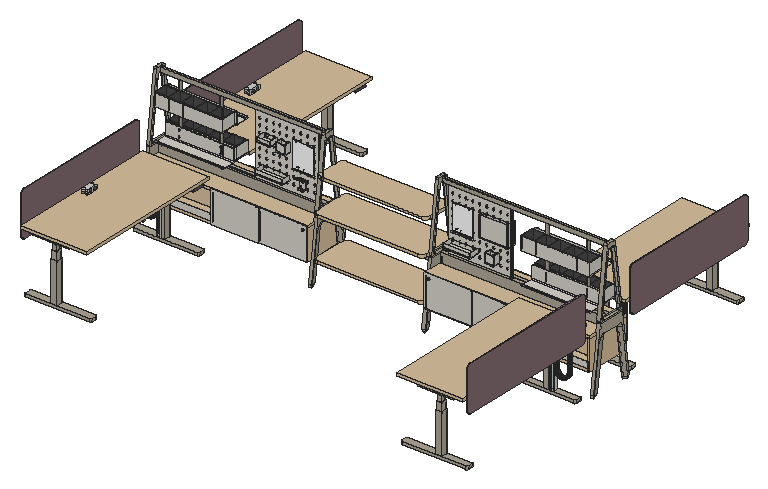
Revit family "Layout-Teknion-Expansion_Cityline_Upper_Structure_01-R2021", category Furniture Systems, Revit 2021 (continued)
Definition of nested family "Accessories-Teknion-JZTMA_Lift_And_Drop_Tile_Metal_Accessory-R2021"
  Forms (in)
    Sweep 11, void
      profile origin (21, -0.25, 0) x (-1, 0, 0) y (0, 0, 1)
        loop
          arc (3.40354, 41.78343) -> (3.58071, 41.96059) -> (3.40354, 42.13776) r 0.17717
          line (3.40354, 42.13776) -> (3.17717, 42.13776) -> (3.17717, 42.36413)
          arc (3.17717, 42.36413) -> (3, 42.5413) -> (2.82283, 42.36413) r 0.17717
          line (2.82283, 42.36413) -> (2.82283, 42.13776) -> (2.59646, 42.13776)
          arc (2.59646, 42.13776) -> (2.41929, 41.96059) -> (2.59646, 41.78343) r 0.17717
        loop
          line (-0.40354, 41.78343) -> (-0.17717, 41.78343) -> (-0.17717, 41.55705)
          arc (-0.17717, 41.55705) -> (0, 41.37988) -> (0.17717, 41.55705) r 0.17717
          line (0.17717, 41.55705) -> (0.17717, 41.78343) -> (0.40354, 41.78343)
          arc (0.40354, 41.78343) -> (0.58071, 41.96059) -> (0.40354, 42.13776) r 0.17717
          line (0.40354, 42.13776) -> (0.17717, 42.13776) -> (0.17717, 42.36413)
          arc (0.17717, 42.36413) -> (0, 42.5413) -> (-0.17717, 42.36413) r 0.17717
          line (-0.17717, 42.36413) -> (-0.17717, 42.13776) -> (-0.40354, 42.13776)
          arc (-0.40354, 42.13776) -> (-0.58071, 41.96059) -> (-0.40354, 41.78343) r 0.17717
        loop
          line (-3.40354, 41.78343) -> (-3.17717, 41.78343) -> (-3.17717, 41.55705)
          arc (-3.17717, 41.55705) -> (-3, 41.37988) -> (-2.82283, 41.55705) r 0.17717
          line (-2.82283, 41.55705) -> (-2.82283, 41.78343) -> (-2.59646, 41.78343)
          arc (-2.59646, 41.78343) -> (-2.41929, 41.96059) -> (-2.59646, 42.13776) r 0.17717
          line (-2.59646, 42.13776) -> (-2.82283, 42.13776) -> (-2.82283, 42.36413)
          arc (-2.82283, 42.36413) -> (-3, 42.5413) -> (-3.17717, 42.36413) r 0.17717
          line (-3.17717, 42.36413) -> (-3.17717, 42.13776) -> (-3.40354, 42.13776)
          arc (-3.40354, 42.13776) -> (-3.58071, 41.96059) -> (-3.40354, 41.78343) r 0.17717
        loop
          line (-6.40354, 41.78343) -> (-6.17717, 41.78343) -> (-6.17717, 41.55705)
          arc (-6.17717, 41.55705) -> (-6, 41.37988) -> (-5.82283, 41.55705) r 0.17717
          line (-5.82283, 41.55705) -> (-5.82283, 41.78343) -> (-5.59646, 41.78343)
          arc (-5.59646, 41.78343) -> (-5.41929, 41.96059) -> (-5.59646, 42.13776) r 0.17717
          line (-5.59646, 42.13776) -> (-5.82283, 42.13776) -> (-5.82283, 42.36413)
          arc (-5.82283, 42.36413) -> (-6, 42.5413) -> (-6.17717, 42.36413) r 0.17717
          line (-6.17717, 42.36413) -> (-6.17717, 42.13776) -> (-6.40354, 42.13776)
          arc (-6.40354, 42.13776) -> (-6.58071, 41.96059) -> (-6.40354, 41.78343) r 0.17717
        loop
          line (-9.40354, 41.78343) -> (-9.17717, 41.78343) -> (-9.17717, 41.55705)
          arc (-9.17717, 41.55705) -> (-9, 41.37988) -> (-8.82283, 41.55705) r 0.17717
          line (-8.82283, 41.55705) -> (-8.82283, 41.78343) -> (-8.59646, 41.78343)
          arc (-8.59646, 41.78343) -> (-8.41929, 41.96059) -> (-8.59646, 42.13776) r 0.17717
          line (-8.59646, 42.13776) -> (-8.82283, 42.13776) -> (-8.82283, 42.36413)
          arc (-8.82283, 42.36413) -> (-9, 42.5413) -> (-9.17717, 42.36413) r 0.17717
          line (-9.17717, 42.36413) -> (-9.17717, 42.13776) -> (-9.40354, 42.13776)
          arc (-9.40354, 42.13776) -> (-9.58071, 41.96059) -> (-9.40354, 41.78343) r 0.17717
        loop
          line (-12.40354, 41.78343) -> (-12.17717, 41.78343) -> (-12.17717, 41.55705)
          arc (-12.17717, 41.55705) -> (-12, 41.37988) -> (-11.82283, 41.55705) r 0.17717
          line (-11.82283, 41.55705) -> (-11.82283, 41.78343) -> (-11.59646, 41.78343)
          arc (-11.59646, 41.78343) -> (-11.41929, 41.96059) -> (-11.59646, 42.13776) r 0.17717
          line (-11.59646, 42.13776) -> (-11.82283, 42.13776) -> (-11.82283, 42.36413)
          arc (-11.82283, 42.36413) -> (-12, 42.5413) -> (-12.17717, 42.36413) r 0.17717
          line (-12.17717, 42.36413) -> (-12.17717, 42.13776) -> (-12.40354, 42.13776)
          arc (-12.40354, 42.13776) -> (-12.58071, 41.96059) -> (-12.40354, 41.78343) r 0.17717
        loop
          line (-15.40354, 41.78343) -> (-15.17717, 41.78343) -> (-15.17717, 41.55705)
          arc (-15.17717, 41.55705) -> (-15, 41.37988) -> (-14.82283, 41.55705) r 0.17717
          line (-14.82283, 41.55705) -> (-14.82283, 41.78343) -> (-14.59646, 41.78343)
          arc (-14.59646, 41.78343) -> (-14.41929, 41.96059) -> (-14.59646, 42.13776) r 0.17717
          line (-14.59646, 42.13776) -> (-14.82283, 42.13776) -> (-14.82283, 42.36413)
          arc (-14.82283, 42.36413) -> (-15, 42.5413) -> (-15.17717, 42.36413) r 0.17717
          line (-15.17717, 42.36413) -> (-15.17717, 42.13776) -> (-15.40354, 42.13776)
          arc (-15.40354, 42.13776) -> (-15.58071, 41.96059) -> (-15.40354, 41.78343) r 0.17717
        loop
          line (-18.40354, 41.78343) -> (-18.17717, 41.78343) -> (-18.17717, 41.55705)
          arc (-18.17717, 41.55705) -> (-18, 41.37988) -> (-17.82283, 41.55705) r 0.17717
          line (-17.82283, 41.55705) -> (-17.82283, 41.78343) -> (-17.59646, 41.78343)
          arc (-17.59646, 41.78343) -> (-17.41929, 41.96059) -> (-17.59646, 42.13776) r 0.17717
          line (-17.59646, 42.13776) -> (-17.82283, 42.13776) -> (-17.82283, 42.36413)
          arc (-17.82283, 42.36413) -> (-18, 42.5413) -> (-18.17717, 42.36413) r 0.17717
          line (-18.17717, 42.36413) -> (-18.17717, 42.13776) -> (-18.40354, 42.13776)
          arc (-18.40354, 42.13776) -> (-18.58071, 41.96059) -> (-18.40354, 41.78343) r 0.17717
    Sweep 12, void
      path origin (0, 0, 0) x (1, 0, 0) y (0, 1, 0)
        loop
          line (21, -1.5) -> (21, 1)
      profile origin (21, -0.25, 0) x (-1, 0, 0) y (0, 0, 1)
        loop
          line (17.59646, 44.78343) -> (17.82283, 44.78343) -> (17.82283, 44.55705)
          arc (17.82283, 44.55705) -> (18, 44.37988) -> (18.17717, 44.55705) r 0.17717
          line (18.17717, 44.55705) -> (18.17717, 44.78343) -> (18.40354, 44.78343)
          arc (18.40354, 44.78343) -> (18.58071, 44.96059) -> (18.40354, 45.13776) r 0.17717
          line (18.40354, 45.13776) -> (18.17717, 45.13776) -> (18.17717, 45.36413)
          arc (18.17717, 45.36413) -> (18, 45.5413) -> (17.82283, 45.36413) r 0.17717
          line (17.82283, 45.36413) -> (17.82283, 45.13776) -> (17.59646, 45.13776)
          arc (17.59646, 45.13776) -> (17.41929, 44.96059) -> (17.59646, 44.78343) r 0.17717
        loop
          line (14.59646, 44.78343) -> (14.82283, 44.78343) -> (14.82283, 44.55705)
          arc (14.82283, 44.55705) -> (15, 44.37988) -> (15.17717, 44.55705) r 0.17717
          line (15.17717, 44.55705) -> (15.17717, 44.78343) -> (15.40354, 44.78343)
          arc (15.40354, 44.78343) -> (15.58071, 44.96059) -> (15.40354, 45.13776) r 0.17717
          line (15.40354, 45.13776) -> (15.17717, 45.13776) -> (15.17717, 45.36413)
          arc (15.17717, 45.36413) -> (15, 45.5413) -> (14.82283, 45.36413) r 0.17717
          line (14.82283, 45.36413) -> (14.82283, 45.13776) -> (14.59646, 45.13776)
          arc (14.59646, 45.13776) -> (14.41929, 44.96059) -> (14.59646, 44.78343) r 0.17717
        loop
          line (11.59646, 44.78343) -> (11.82283, 44.78343) -> (11.82283, 44.55705)
          arc (11.82283, 44.55705) -> (12, 44.37988) -> (12.17717, 44.55705) r 0.17717
          line (12.17717, 44.55705) -> (12.17717, 44.78343) -> (12.40354, 44.78343)
          arc (12.40354, 44.78343) -> (12.58071, 44.96059) -> (12.40354, 45.13776) r 0.17717
          line (12.40354, 45.13776) -> (12.17717, 45.13776) -> (12.17717, 45.36413)
          arc (12.17717, 45.36413) -> (12, 45.5413) -> (11.82283, 45.36413) r 0.17717
          line (11.82283, 45.36413) -> (11.82283, 45.13776) -> (11.59646, 45.13776)
          arc (11.59646, 45.13776) -> (11.41929, 44.96059) -> (11.59646, 44.78343) r 0.17717
        loop
          line (8.59646, 44.78343) -> (8.82283, 44.78343) -> (8.82283, 44.55705)
          arc (8.82283, 44.55705) -> (9, 44.37988) -> (9.17717, 44.55705) r 0.17717
          line (9.17717, 44.55705) -> (9.17717, 44.78343) -> (9.40354, 44.78343)
          arc (9.40354, 44.78343) -> (9.58071, 44.96059) -> (9.40354, 45.13776) r 0.17717
          line (9.40354, 45.13776) -> (9.17717, 45.13776) -> (9.17717, 45.36413)
          arc (9.17717, 45.36413) -> (9, 45.5413) -> (8.82283, 45.36413) r 0.17717
          line (8.82283, 45.36413) -> (8.82283, 45.13776) -> (8.59646, 45.13776)
          arc (8.59646, 45.13776) -> (8.41929, 44.96059) -> (8.59646, 44.78343) r 0.17717
        loop
          line (5.59646, 44.78343) -> (5.82283, 44.78343) -> (5.82283, 44.55705)
          arc (5.82283, 44.55705) -> (6, 44.37988) -> (6.17717, 44.55705) r 0.17717
          line (6.17717, 44.55705) -> (6.17717, 44.78343) -> (6.40354, 44.78343)
          arc (6.40354, 44.78343) -> (6.58071, 44.96059) -> (6.40354, 45.13776) r 0.17717
          line (6.40354, 45.13776) -> (6.17717, 45.13776) -> (6.17717, 45.36413)
          arc (6.17717, 45.36413) -> (6, 45.5413) -> (5.82283, 45.36413) r 0.17717
          line (5.82283, 45.36413) -> (5.82283, 45.13776) -> (5.59646, 45.13776)
          arc (5.59646, 45.13776) -> (5.41929, 44.96059) -> (5.59646, 44.78343) r 0.17717
        loop
          line (2.59646, 44.78343) -> (2.82283, 44.78343) -> (2.82283, 44.55705)
          arc (2.82283, 44.55705) -> (3, 44.37988) -> (3.17717, 44.55705) r 0.17717
          line (3.17717, 44.55705) -> (3.17717, 44.78343) -> (3.40354, 44.78343)
          arc (3.40354, 44.78343) -> (3.58071, 44.96059) -> (3.40354, 45.13776) r 0.17717
          line (3.40354, 45.13776) -> (3.17717, 45.13776) -> (3.17717, 45.36413)
          arc (3.17717, 45.36413) -> (3, 45.5413) -> (2.82283, 45.36413) r 0.17717
          line (2.82283, 45.36413) -> (2.82283, 45.13776) -> (2.59646, 45.13776)
          arc (2.59646, 45.13776) -> (2.41929, 44.96059) -> (2.59646, 44.78343) r 0.17717
        loop
          line (-0.40354, 44.78343) -> (-0.17717, 44.78343) -> (-0.17717, 44.55705)
          arc (-0.17717, 44.55705) -> (0, 44.37988) -> (0.17717, 44.55705) r 0.17717
          line (0.17717, 44.55705) -> (0.17717, 44.78343) -> (0.40354, 44.78343)
          arc (0.40354, 44.78343) -> (0.58071, 44.96059) -> (0.40354, 45.13776) r 0.17717
          line (0.40354, 45.13776) -> (0.17717, 45.13776) -> (0.17717, 45.36413)
          arc (0.17717, 45.36413) -> (0, 45.5413) -> (-0.17717, 45.36413) r 0.17717
          line (-0.17717, 45.36413) -> (-0.17717, 45.13776) -> (-0.40354, 45.13776)
          arc (-0.40354, 45.13776) -> (-0.58071, 44.96059) -> (-0.40354, 44.78343) r 0.17717
        loop
          line (-3.40354, 44.78343) -> (-3.17717, 44.78343) -> (-3.17717, 44.55705)
          arc (-3.17717, 44.55705) -> (-3, 44.37988) -> (-2.82283, 44.55705) r 0.17717
          line (-2.82283, 44.55705) -> (-2.82283, 44.78343) -> (-2.59646, 44.78343)
          arc (-2.59646, 44.78343) -> (-2.41929, 44.96059) -> (-2.59646, 45.13776) r 0.17717
          line (-2.59646, 45.13776) -> (-2.82283, 45.13776) -> (-2.82283, 45.36413)
          arc (-2.82283, 45.36413) -> (-3, 45.5413) -> (-3.17717, 45.36413) r 0.17717
          line (-3.17717, 45.36413) -> (-3.17717, 45.13776) -> (-3.40354, 45.13776)
          arc (-3.40354, 45.13776) -> (-3.58071, 44.96059) -> (-3.40354, 44.78343) r 0.17717
        loop
          line (-6.40354, 44.78343) -> (-6.17717, 44.78343) -> (-6.17717, 44.55705)
          arc (-6.17717, 44.55705) -> (-6, 44.37988) -> (-5.82283, 44.55705) r 0.17717
          line (-5.82283, 44.55705) -> (-5.82283, 44.78343) -> (-5.59646, 44.78343)
          arc (-5.59646, 44.78343) -> (-5.41929, 44.96059) -> (-5.59646, 45.13776) r 0.17717
          line (-5.59646, 45.13776) -> (-5.82283, 45.13776) -> (-5.82283, 45.36413)
          arc (-5.82283, 45.36413) -> (-6, 45.5413) -> (-6.17717, 45.36413) r 0.17717
          line (-6.17717, 45.36413) -> (-6.17717, 45.13776) -> (-6.40354, 45.13776)
          arc (-6.40354, 45.13776) -> (-6.58071, 44.96059) -> (-6.40354, 44.78343) r 0.17717
        loop
          line (-9.40354, 44.78343) -> (-9.17717, 44.78343) -> (-9.17717, 44.55705)
          arc (-9.17717, 44.55705) -> (-9, 44.37988) -> (-8.82283, 44.55705) r 0.17717
          line (-8.82283, 44.55705) -> (-8.82283, 44.78343) -> (-8.59646, 44.78343)
          arc (-8.59646, 44.78343) -> (-8.41929, 44.96059) -> (-8.59646, 45.13776) r 0.17717
          line (-8.59646, 45.13776) -> (-8.82283, 45.13776) -> (-8.82283, 45.36413)
          arc (-8.82283, 45.36413) -> (-9, 45.5413) -> (-9.17717, 45.36413) r 0.17717
          line (-9.17717, 45.36413) -> (-9.17717, 45.13776) -> (-9.40354, 45.13776)
          arc (-9.40354, 45.13776) -> (-9.58071, 44.96059) -> (-9.40354, 44.78343) r 0.17717
        loop
          line (-12.40354, 44.78343) -> (-12.17717, 44.78343) -> (-12.17717, 44.55705)
          arc (-12.17717, 44.55705) -> (-12, 44.37988) -> (-11.82283, 44.55705) r 0.17717
          line (-11.82283, 44.55705) -> (-11.82283, 44.78343) -> (-11.59646, 44.78343)
          arc (-11.59646, 44.78343) -> (-11.41929, 44.96059) -> (-11.59646, 45.13776) r 0.17717
          line (-11.59646, 45.13776) -> (-11.82283, 45.13776) -> (-11.82283, 45.36413)
          arc (-11.82283, 45.36413) -> (-12, 45.5413) -> (-12.17717, 45.36413) r 0.17717
          line (-12.17717, 45.36413) -> (-12.17717, 45.13776) -> (-12.40354, 45.13776)
          arc (-12.40354, 45.13776) -> (-12.58071, 44.96059) -> (-12.40354, 44.78343) r 0.17717
        loop
          line (-15.40354, 44.78343) -> (-15.17717, 44.78343) -> (-15.17717, 44.55705)
          arc (-15.17717, 44.55705) -> (-15, 44.37988) -> (-14.82283, 44.55705) r 0.17717
          line (-14.82283, 44.55705) -> (-14.82283, 44.78343) -> (-14.59646, 44.78343)
          arc (-14.59646, 44.78343) -> (-14.41929, 44.96059) -> (-14.59646, 45.13776) r 0.17717
          line (-14.59646, 45.13776) -> (-14.82283, 45.13776) -> (-14.82283, 45.36413)
          arc (-14.82283, 45.36413) -> (-15, 45.5413) -> (-15.17717, 45.36413) r 0.17717
          line (-15.17717, 45.36413) -> (-15.17717, 45.13776) -> (-15.40354, 45.13776)
          arc (-15.40354, 45.13776) -> (-15.58071, 44.96059) -> (-15.40354, 44.78343) r 0.17717
        loop
          line (-18.40354, 44.78343) -> (-18.17717, 44.78343) -> (-18.17717, 44.55705)
          arc (-18.17717, 44.55705) -> (-18, 44.37988) -> (-17.82283, 44.55705) r 0.17717
          line (-17.82283, 44.55705) -> (-17.82283, 44.78343) -> (-17.59646, 44.78343)
          arc (-17.59646, 44.78343) -> (-17.41929, 44.96059) -> (-17.59646, 45.13776) r 0.17717
          line (-17.59646, 45.13776) -> (-17.82283, 45.13776) -> (-17.82283, 45.36413)
          arc (-17.82283, 45.36413) -> (-18, 45.5413) -> (-18.17717, 45.36413) r 0.17717
          line (-18.17717, 45.36413) -> (-18.17717, 45.13776) -> (-18.40354, 45.13776)
          arc (-18.40354, 45.13776) -> (-18.58071, 44.96059) -> (-18.40354, 44.78343) r 0.17717
    Sweep 13, void
      path origin (0, 0, 0) x (1, 0, 0) y (0, 1, 0)
        loop
          line (21, -1.5) -> (21, 1)
      profile origin (21, -0.25, 0) x (-1, 0, 0) y (0, 0, 1)
        loop
          line (17.59646, 47.78343) -> (17.82283, 47.78343) -> (17.82283, 47.55705)
          arc (17.82283, 47.55705) -> (18, 47.37988) -> (18.17717, 47.55705) r 0.17717
          line (18.17717, 47.55705) -> (18.17717, 47.78343) -> (18.40354, 47.78343)
          arc (18.40354, 47.78343) -> (18.58071, 47.96059) -> (18.40354, 48.13776) r 0.17717
          line (18.40354, 48.13776) -> (18.17717, 48.13776) -> (18.17717, 48.36413)
          arc (18.17717, 48.36413) -> (18, 48.5413) -> (17.82283, 48.36413) r 0.17717
          line (17.82283, 48.36413) -> (17.82283, 48.13776) -> (17.59646, 48.13776)
          arc (17.59646, 48.13776) -> (17.41929, 47.96059) -> (17.59646, 47.78343) r 0.17717
        loop
          line (14.59646, 47.78343) -> (14.82283, 47.78343) -> (14.82283, 47.55705)
          arc (14.82283, 47.55705) -> (15, 47.37988) -> (15.17717, 47.55705) r 0.17717
          line (15.17717, 47.55705) -> (15.17717, 47.78343) -> (15.40354, 47.78343)
          arc (15.40354, 47.78343) -> (15.58071, 47.96059) -> (15.40354, 48.13776) r 0.17717
          line (15.40354, 48.13776) -> (15.17717, 48.13776) -> (15.17717, 48.36413)
          arc (15.17717, 48.36413) -> (15, 48.5413) -> (14.82283, 48.36413) r 0.17717
          line (14.82283, 48.36413) -> (14.82283, 48.13776) -> (14.59646, 48.13776)
          arc (14.59646, 48.13776) -> (14.41929, 47.96059) -> (14.59646, 47.78343) r 0.17717
        loop
          line (11.59646, 47.78343) -> (11.82283, 47.78343) -> (11.82283, 47.55705)
          arc (11.82283, 47.55705) -> (12, 47.37988) -> (12.17717, 47.55705) r 0.17717
          line (12.17717, 47.55705) -> (12.17717, 47.78343) -> (12.40354, 47.78343)
          arc (12.40354, 47.78343) -> (12.58071, 47.96059) -> (12.40354, 48.13776) r 0.17717
          line (12.40354, 48.13776) -> (12.17717, 48.13776) -> (12.17717, 48.36413)
          arc (12.17717, 48.36413) -> (12, 48.5413) -> (11.82283, 48.36413) r 0.17717
          line (11.82283, 48.36413) -> (11.82283, 48.13776) -> (11.59646, 48.13776)
          arc (11.59646, 48.13776) -> (11.41929, 47.96059) -> (11.59646, 47.78343) r 0.17717
        loop
          line (8.59646, 47.78343) -> (8.82283, 47.78343) -> (8.82283, 47.55705)
          arc (8.82283, 47.55705) -> (9, 47.37988) -> (9.17717, 47.55705) r 0.17717
          line (9.17717, 47.55705) -> (9.17717, 47.78343) -> (9.40354, 47.78343)
          arc (9.40354, 47.78343) -> (9.58071, 47.96059) -> (9.40354, 48.13776) r 0.17717
          line (9.40354, 48.13776) -> (9.17717, 48.13776) -> (9.17717, 48.36413)
          arc (9.17717, 48.36413) -> (9, 48.5413) -> (8.82283, 48.36413) r 0.17717
          line (8.82283, 48.36413) -> (8.82283, 48.13776) -> (8.59646, 48.13776)
          arc (8.59646, 48.13776) -> (8.41929, 47.96059) -> (8.59646, 47.78343) r 0.17717
        loop
          line (5.59646, 47.78343) -> (5.82283, 47.78343) -> (5.82283, 47.55705)
          arc (5.82283, 47.55705) -> (6, 47.37988) -> (6.17717, 47.55705) r 0.17717
          line (6.17717, 47.55705) -> (6.17717, 47.78343) -> (6.40354, 47.78343)
          arc (6.40354, 47.78343) -> (6.58071, 47.96059) -> (6.40354, 48.13776) r 0.17717
          line (6.40354, 48.13776) -> (6.17717, 48.13776) -> (6.17717, 48.36413)
          arc (6.17717, 48.36413) -> (6, 48.5413) -> (5.82283, 48.36413) r 0.17717
          line (5.82283, 48.36413) -> (5.82283, 48.13776) -> (5.59646, 48.13776)
          arc (5.59646, 48.13776) -> (5.41929, 47.96059) -> (5.59646, 47.78343) r 0.17717
        loop
          line (2.59646, 47.78343) -> (2.82283, 47.78343) -> (2.82283, 47.55705)
          arc (2.82283, 47.55705) -> (3, 47.37988) -> (3.17717, 47.55705) r 0.17717
          line (3.17717, 47.55705) -> (3.17717, 47.78343) -> (3.40354, 47.78343)
          arc (3.40354, 47.78343) -> (3.58071, 47.96059) -> (3.40354, 48.13776) r 0.17717
          line (3.40354, 48.13776) -> (3.17717, 48.13776) -> (3.17717, 48.36413)
          arc (3.17717, 48.36413) -> (3, 48.5413) -> (2.82283, 48.36413) r 0.17717
          line (2.82283, 48.36413) -> (2.82283, 48.13776) -> (2.59646, 48.13776)
          arc (2.59646, 48.13776) -> (2.41929, 47.96059) -> (2.59646, 47.78343) r 0.17717
        loop
          line (-0.40354, 47.78343) -> (-0.17717, 47.78343) -> (-0.17717, 47.55705)
          arc (-0.17717, 47.55705) -> (0, 47.37988) -> (0.17717, 47.55705) r 0.17717
          line (0.17717, 47.55705) -> (0.17717, 47.78343) -> (0.40354, 47.78343)
          arc (0.40354, 47.78343) -> (0.58071, 47.96059) -> (0.40354, 48.13776) r 0.17717
          line (0.40354, 48.13776) -> (0.17717, 48.13776) -> (0.17717, 48.36413)
          arc (0.17717, 48.36413) -> (0, 48.5413) -> (-0.17717, 48.36413) r 0.17717
          line (-0.17717, 48.36413) -> (-0.17717, 48.13776) -> (-0.40354, 48.13776)
          arc (-0.40354, 48.13776) -> (-0.58071, 47.96059) -> (-0.40354, 47.78343) r 0.17717
        loop
          line (-3.40354, 47.78343) -> (-3.17717, 47.78343) -> (-3.17717, 47.55705)
          arc (-3.17717, 47.55705) -> (-3, 47.37988) -> (-2.82283, 47.55705) r 0.17717
          line (-2.82283, 47.55705) -> (-2.82283, 47.78343) -> (-2.59646, 47.78343)
          arc (-2.59646, 47.78343) -> (-2.41929, 47.96059) -> (-2.59646, 48.13776) r 0.17717
          line (-2.59646, 48.13776) -> (-2.82283, 48.13776) -> (-2.82283, 48.36413)
          arc (-2.82283, 48.36413) -> (-3, 48.5413) -> (-3.17717, 48.36413) r 0.17717
          line (-3.17717, 48.36413) -> (-3.17717, 48.13776) -> (-3.40354, 48.13776)
          arc (-3.40354, 48.13776) -> (-3.58071, 47.96059) -> (-3.40354, 47.78343) r 0.17717
        loop
          line (-6.40354, 47.78343) -> (-6.17717, 47.78343) -> (-6.17717, 47.55705)
          arc (-6.17717, 47.55705) -> (-6, 47.37988) -> (-5.82283, 47.55705) r 0.17717
          line (-5.82283, 47.55705) -> (-5.82283, 47.78343) -> (-5.59646, 47.78343)
          arc (-5.59646, 47.78343) -> (-5.41929, 47.96059) -> (-5.59646, 48.13776) r 0.17717
          line (-5.59646, 48.13776) -> (-5.82283, 48.13776) -> (-5.82283, 48.36413)
          arc (-5.82283, 48.36413) -> (-6, 48.5413) -> (-6.17717, 48.36413) r 0.17717
          line (-6.17717, 48.36413) -> (-6.17717, 48.13776) -> (-6.40354, 48.13776)
          arc (-6.40354, 48.13776) -> (-6.58071, 47.96059) -> (-6.40354, 47.78343) r 0.17717
        loop
          line (-9.40354, 47.78343) -> (-9.17717, 47.78343) -> (-9.17717, 47.55705)
          arc (-9.17717, 47.55705) -> (-9, 47.37988) -> (-8.82283, 47.55705) r 0.17717
          line (-8.82283, 47.55705) -> (-8.82283, 47.78343) -> (-8.59646, 47.78343)
          arc (-8.59646, 47.78343) -> (-8.41929, 47.96059) -> (-8.59646, 48.13776) r 0.17717
          line (-8.59646, 48.13776) -> (-8.82283, 48.13776) -> (-8.82283, 48.36413)
          arc (-8.82283, 48.36413) -> (-9, 48.5413) -> (-9.17717, 48.36413) r 0.17717
          line (-9.17717, 48.36413) -> (-9.17717, 48.13776) -> (-9.40354, 48.13776)
          arc (-9.40354, 48.13776) -> (-9.58071, 47.96059) -> (-9.40354, 47.78343) r 0.17717
        loop
          line (-12.40354, 47.78343) -> (-12.17717, 47.78343) -> (-12.17717, 47.55705)
          arc (-12.17717, 47.55705) -> (-12, 47.37988) -> (-11.82283, 47.55705) r 0.17717
          line (-11.82283, 47.55705) -> (-11.82283, 47.78343) -> (-11.59646, 47.78343)
          arc (-11.59646, 47.78343) -> (-11.41929, 47.96059) -> (-11.59646, 48.13776) r 0.17717
          line (-11.59646, 48.13776) -> (-11.82283, 48.13776) -> (-11.82283, 48.36413)
          arc (-11.82283, 48.36413) -> (-12, 48.5413) -> (-12.17717, 48.36413) r 0.17717
          line (-12.17717, 48.36413) -> (-12.17717, 48.13776) -> (-12.40354, 48.13776)
          arc (-12.40354, 48.13776) -> (-12.58071, 47.96059) -> (-12.40354, 47.78343) r 0.17717
        loop
          line (-15.40354, 47.78343) -> (-15.17717, 47.78343) -> (-15.17717, 47.55705)
          arc (-15.17717, 47.55705) -> (-15, 47.37988) -> (-14.82283, 47.55705) r 0.17717
          line (-14.82283, 47.55705) -> (-14.82283, 47.78343) -> (-14.59646, 47.78343)
          arc (-14.59646, 47.78343) -> (-14.41929, 47.96059) -> (-14.59646, 48.13776) r 0.17717
          line (-14.59646, 48.13776) -> (-14.82283, 48.13776) -> (-14.82283, 48.36413)
          arc (-14.82283, 48.36413) -> (-15, 48.5413) -> (-15.17717, 48.36413) r 0.17717
          line (-15.17717, 48.36413) -> (-15.17717, 48.13776) -> (-15.40354, 48.13776)
          arc (-15.40354, 48.13776) -> (-15.58071, 47.96059) -> (-15.40354, 47.78343) r 0.17717
        loop
          line (-18.40354, 47.78343) -> (-18.17717, 47.78343) -> (-18.17717, 47.55705)
          arc (-18.17717, 47.55705) -> (-18, 47.37988) -> (-17.82283, 47.55705) r 0.17717
          line (-17.82283, 47.55705) -> (-17.82283, 47.78343) -> (-17.59646, 47.78343)
          arc (-17.59646, 47.78343) -> (-17.41929, 47.96059) -> (-17.59646, 48.13776) r 0.17717
          line (-17.59646, 48.13776) -> (-17.82283, 48.13776) -> (-17.82283, 48.36413)
          arc (-17.82283, 48.36413) -> (-18, 48.5413) -> (-18.17717, 48.36413) r 0.17717
          line (-18.17717, 48.36413) -> (-18.17717, 48.13776) -> (-18.40354, 48.13776)
          arc (-18.40354, 48.13776) -> (-18.58071, 47.96059) -> (-18.40354, 47.78343) r 0.17717
    Sweep 14, void
      path origin (0, 0, 0) x (1, 0, 0) y (0, 1, 0)
        loop
          line (21, -1.5) -> (21, 1)
      profile origin (21, -0.25, 0) x (-1, 0, 0) y (0, 0, 1)
        loop
          line (17.59646, 50.78343) -> (17.82283, 50.78343) -> (17.82283, 50.55705)
          arc (17.82283, 50.55705) -> (18, 50.37988) -> (18.17717, 50.55705) r 0.17717
          line (18.17717, 50.55705) -> (18.17717, 50.78343) -> (18.40354, 50.78343)
          arc (18.40354, 50.78343) -> (18.58071, 50.96059) -> (18.40354, 51.13776) r 0.17717
          line (18.40354, 51.13776) -> (18.17717, 51.13776) -> (18.17717, 51.36413)
          arc (18.17717, 51.36413) -> (18, 51.5413) -> (17.82283, 51.36413) r 0.17717
          line (17.82283, 51.36413) -> (17.82283, 51.13776) -> (17.59646, 51.13776)
          arc (17.59646, 51.13776) -> (17.41929, 50.96059) -> (17.59646, 50.78343) r 0.17717
        loop
          line (14.59646, 50.78343) -> (14.82283, 50.78343) -> (14.82283, 50.55705)
          arc (14.82283, 50.55705) -> (15, 50.37988) -> (15.17717, 50.55705) r 0.17717
          line (15.17717, 50.55705) -> (15.17717, 50.78343) -> (15.40354, 50.78343)
          arc (15.40354, 50.78343) -> (15.58071, 50.96059) -> (15.40354, 51.13776) r 0.17717
          line (15.40354, 51.13776) -> (15.17717, 51.13776) -> (15.17717, 51.36413)
          arc (15.17717, 51.36413) -> (15, 51.5413) -> (14.82283, 51.36413) r 0.17717
          line (14.82283, 51.36413) -> (14.82283, 51.13776) -> (14.59646, 51.13776)
          arc (14.59646, 51.13776) -> (14.41929, 50.96059) -> (14.59646, 50.78343) r 0.17717
        loop
          line (11.59646, 50.78343) -> (11.82283, 50.78343) -> (11.82283, 50.55705)
          arc (11.82283, 50.55705) -> (12, 50.37988) -> (12.17717, 50.55705) r 0.17717
          line (12.17717, 50.55705) -> (12.17717, 50.78343) -> (12.40354, 50.78343)
          arc (12.40354, 50.78343) -> (12.58071, 50.96059) -> (12.40354, 51.13776) r 0.17717
          line (12.40354, 51.13776) -> (12.17717, 51.13776) -> (12.17717, 51.36413)
          arc (12.17717, 51.36413) -> (12, 51.5413) -> (11.82283, 51.36413) r 0.17717
          line (11.82283, 51.36413) -> (11.82283, 51.13776) -> (11.59646, 51.13776)
          arc (11.59646, 51.13776) -> (11.41929, 50.96059) -> (11.59646, 50.78343) r 0.17717
        loop
          line (8.59646, 50.78343) -> (8.82283, 50.78343) -> (8.82283, 50.55705)
          arc (8.82283, 50.55705) -> (9, 50.37988) -> (9.17717, 50.55705) r 0.17717
          line (9.17717, 50.55705) -> (9.17717, 50.78343) -> (9.40354, 50.78343)
          arc (9.40354, 50.78343) -> (9.58071, 50.96059) -> (9.40354, 51.13776) r 0.17717
          line (9.40354, 51.13776) -> (9.17717, 51.13776) -> (9.17717, 51.36413)
          arc (9.17717, 51.36413) -> (9, 51.5413) -> (8.82283, 51.36413) r 0.17717
          line (8.82283, 51.36413) -> (8.82283, 51.13776) -> (8.59646, 51.13776)
          arc (8.59646, 51.13776) -> (8.41929, 50.96059) -> (8.59646, 50.78343) r 0.17717
        loop
          line (5.59646, 50.78343) -> (5.82283, 50.78343) -> (5.82283, 50.55705)
          arc (5.82283, 50.55705) -> (6, 50.37988) -> (6.17717, 50.55705) r 0.17717
          line (6.17717, 50.55705) -> (6.17717, 50.78343) -> (6.40354, 50.78343)
          arc (6.40354, 50.78343) -> (6.58071, 50.96059) -> (6.40354, 51.13776) r 0.17717
          line (6.40354, 51.13776) -> (6.17717, 51.13776) -> (6.17717, 51.36413)
          arc (6.17717, 51.36413) -> (6, 51.5413) -> (5.82283, 51.36413) r 0.17717
          line (5.82283, 51.36413) -> (5.82283, 51.13776) -> (5.59646, 51.13776)
          arc (5.59646, 51.13776) -> (5.41929, 50.96059) -> (5.59646, 50.78343) r 0.17717
        loop
          line (2.59646, 50.78343) -> (2.82283, 50.78343) -> (2.82283, 50.55705)
          arc (2.82283, 50.55705) -> (3, 50.37988) -> (3.17717, 50.55705) r 0.17717
          line (3.17717, 50.55705) -> (3.17717, 50.78343) -> (3.40354, 50.78343)
          arc (3.40354, 50.78343) -> (3.58071, 50.96059) -> (3.40354, 51.13776) r 0.17717
          line (3.40354, 51.13776) -> (3.17717, 51.13776) -> (3.17717, 51.36413)
          arc (3.17717, 51.36413) -> (3, 51.5413) -> (2.82283, 51.36413) r 0.17717
          line (2.82283, 51.36413) -> (2.82283, 51.13776) -> (2.59646, 51.13776)
          arc (2.59646, 51.13776) -> (2.41929, 50.96059) -> (2.59646, 50.78343) r 0.17717
        loop
          line (-0.40354, 50.78343) -> (-0.17717, 50.78343) -> (-0.17717, 50.55705)
          arc (-0.17717, 50.55705) -> (0, 50.37988) -> (0.17717, 50.55705) r 0.17717
          line (0.17717, 50.55705) -> (0.17717, 50.78343) -> (0.40354, 50.78343)
          arc (0.40354, 50.78343) -> (0.58071, 50.96059) -> (0.40354, 51.13776) r 0.17717
          line (0.40354, 51.13776) -> (0.17717, 51.13776) -> (0.17717, 51.36413)
          arc (0.17717, 51.36413) -> (0, 51.5413) -> (-0.17717, 51.36413) r 0.17717
          line (-0.17717, 51.36413) -> (-0.17717, 51.13776) -> (-0.40354, 51.13776)
          arc (-0.40354, 51.13776) -> (-0.58071, 50.96059) -> (-0.40354, 50.78343) r 0.17717
        loop
          line (-3.40354, 50.78343) -> (-3.17717, 50.78343) -> (-3.17717, 50.55705)
          arc (-3.17717, 50.55705) -> (-3, 50.37988) -> (-2.82283, 50.55705) r 0.17717
          line (-2.82283, 50.55705) -> (-2.82283, 50.78343) -> (-2.59646, 50.78343)
          arc (-2.59646, 50.78343) -> (-2.41929, 50.96059) -> (-2.59646, 51.13776) r 0.17717
          line (-2.59646, 51.13776) -> (-2.82283, 51.13776) -> (-2.82283, 51.36413)
          arc (-2.82283, 51.36413) -> (-3, 51.5413) -> (-3.17717, 51.36413) r 0.17717
          line (-3.17717, 51.36413) -> (-3.17717, 51.13776) -> (-3.40354, 51.13776)
          arc (-3.40354, 51.13776) -> (-3.58071, 50.96059) -> (-3.40354, 50.78343) r 0.17717
        loop
          line (-6.40354, 50.78343) -> (-6.17717, 50.78343) -> (-6.17717, 50.55705)
          arc (-6.17717, 50.55705) -> (-6, 50.37988) -> (-5.82283, 50.55705) r 0.17717
          line (-5.82283, 50.55705) -> (-5.82283, 50.78343) -> (-5.59646, 50.78343)
          arc (-5.59646, 50.78343) -> (-5.41929, 50.96059) -> (-5.59646, 51.13776) r 0.17717
          line (-5.59646, 51.13776) -> (-5.82283, 51.13776) -> (-5.82283, 51.36413)
          arc (-5.82283, 51.36413) -> (-6, 51.5413) -> (-6.17717, 51.36413) r 0.17717
          line (-6.17717, 51.36413) -> (-6.17717, 51.13776) -> (-6.40354, 51.13776)
          arc (-6.40354, 51.13776) -> (-6.58071, 50.96059) -> (-6.40354, 50.78343) r 0.17717
        loop
          line (-9.40354, 50.78343) -> (-9.17717, 50.78343) -> (-9.17717, 50.55705)
          arc (-9.17717, 50.55705) -> (-9, 50.37988) -> (-8.82283, 50.55705) r 0.17717
          line (-8.82283, 50.55705) -> (-8.82283, 50.78343) -> (-8.59646, 50.78343)
          arc (-8.59646, 50.78343) -> (-8.41929, 50.96059) -> (-8.59646, 51.13776) r 0.17717
          line (-8.59646, 51.13776) -> (-8.82283, 51.13776) -> (-8.82283, 51.36413)
          arc (-8.82283, 51.36413) -> (-9, 51.5413) -> (-9.17717, 51.36413) r 0.17717
          line (-9.17717, 51.36413) -> (-9.17717, 51.13776) -> (-9.40354, 51.13776)
          arc (-9.40354, 51.13776) -> (-9.58071, 50.96059) -> (-9.40354, 50.78343) r 0.17717
        loop
          line (-12.40354, 50.78343) -> (-12.17717, 50.78343) -> (-12.17717, 50.55705)
          arc (-12.17717, 50.55705) -> (-12, 50.37988) -> (-11.82283, 50.55705) r 0.17717
          line (-11.82283, 50.55705) -> (-11.82283, 50.78343) -> (-11.59646, 50.78343)
          arc (-11.59646, 50.78343) -> (-11.41929, 50.96059) -> (-11.59646, 51.13776) r 0.17717
          line (-11.59646, 51.13776) -> (-11.82283, 51.13776) -> (-11.82283, 51.36413)
          arc (-11.82283, 51.36413) -> (-12, 51.5413) -> (-12.17717, 51.36413) r 0.17717
          line (-12.17717, 51.36413) -> (-12.17717, 51.13776) -> (-12.40354, 51.13776)
          arc (-12.40354, 51.13776) -> (-12.58071, 50.96059) -> (-12.40354, 50.78343) r 0.17717
        loop
          line (-15.40354, 50.78343) -> (-15.17717, 50.78343) -> (-15.17717, 50.55705)
          arc (-15.17717, 50.55705) -> (-15, 50.37988) -> (-14.82283, 50.55705) r 0.17717
          line (-14.82283, 50.55705) -> (-14.82283, 50.78343) -> (-14.59646, 50.78343)
          arc (-14.59646, 50.78343) -> (-14.41929, 50.96059) -> (-14.59646, 51.13776) r 0.17717
          line (-14.59646, 51.13776) -> (-14.82283, 51.13776) -> (-14.82283, 51.36413)
          arc (-14.82283, 51.36413) -> (-15, 51.5413) -> (-15.17717, 51.36413) r 0.17717
          line (-15.17717, 51.36413) -> (-15.17717, 51.13776) -> (-15.40354, 51.13776)
          arc (-15.40354, 51.13776) -> (-15.58071, 50.96059) -> (-15.40354, 50.78343) r 0.17717
        loop
          line (-18.40354, 50.78343) -> (-18.17717, 50.78343) -> (-18.17717, 50.55705)
          arc (-18.17717, 50.55705) -> (-18, 50.37988) -> (-17.82283, 50.55705) r 0.17717
          line (-17.82283, 50.55705) -> (-17.82283, 50.78343) -> (-17.59646, 50.78343)
          arc (-17.59646, 50.78343) -> (-17.41929, 50.96059) -> (-17.59646, 51.13776) r 0.17717
          line (-17.59646, 51.13776) -> (-17.82283, 51.13776) -> (-17.82283, 51.36413)
          arc (-17.82283, 51.36413) -> (-18, 51.5413) -> (-18.17717, 51.36413) r 0.17717
          line (-18.17717, 51.36413) -> (-18.17717, 51.13776) -> (-18.40354, 51.13776)
          arc (-18.40354, 51.13776) -> (-18.58071, 50.96059) -> (-18.40354, 50.78343) r 0.17717
    Sweep 15, void
      path origin (0, 0, 0) x (1, 0, 0) y (0, 1, 0)
        loop
          line (21, -1.22638) -> (21, -1.12638)
      profile origin (21, -1.17638, 0) x (-1, 0, 0) y (0, 0, 1)
        loop
          line (18.375, 44.58559) -> (18.375, 45.33559) -> (17.625, 45.33559) -> (17.625, 44.58559) -> (18.375, 44.58559)
        loop
          line (15.375, 44.58559) -> (15.375, 45.33559) -> (14.625, 45.33559) -> (14.625, 44.58559) -> (15.375, 44.58559)
        loop
          line (12.375, 44.58559) -> (12.375, 45.33559) -> (11.625, 45.33559) -> (11.625, 44.58559) -> (12.375, 44.58559)
        loop
          line (9.375, 44.58559) -> (9.375, 45.33559) -> (8.625, 45.33559) -> (8.625, 44.58559) -> (9.375, 44.58559)
        loop
          line (6.375, 44.58559) -> (6.375, 45.33559) -> (5.625, 45.33559) -> (5.625, 44.58559) -> (6.375, 44.58559)
        loop
          line (3.375, 44.58559) -> (3.375, 45.33559) -> (2.625, 45.33559) -> (2.625, 44.58559) -> (3.375, 44.58559)
        loop
          line (0.375, 44.58559) -> (0.375, 45.33559) -> (-0.375, 45.33559) -> (-0.375, 44.58559) -> (0.375, 44.58559)
        loop
          line (-2.625, 44.58559) -> (-2.625, 45.33559) -> (-3.375, 45.33559) -> (-3.375, 44.58559) -> (-2.625, 44.58559)
        loop
          line (-5.625, 44.58559) -> (-5.625, 45.33559) -> (-6.375, 45.33559) -> (-6.375, 44.58559) -> (-5.625, 44.58559)
        loop
          line (-8.625, 44.58559) -> (-8.625, 45.33559) -> (-9.375, 45.33559) -> (-9.375, 44.58559) -> (-8.625, 44.58559)
        loop
          line (-11.625, 44.58559) -> (-11.625, 45.33559) -> (-12.375, 45.33559) -> (-12.375, 44.58559) -> (-11.625, 44.58559)
        loop
          line (-14.625, 44.58559) -> (-14.625, 45.33559) -> (-15.375, 45.33559) -> (-15.375, 44.58559) -> (-14.625, 44.58559)
        loop
          line (-17.625, 44.58559) -> (-17.625, 45.33559) -> (-18.375, 45.33559) -> (-18.375, 44.58559) -> (-17.625, 44.58559)
        loop
          line (18.375, 47.58559) -> (18.375, 48.33559) -> (17.625, 48.33559) -> (17.625, 47.58559) -> (18.375, 47.58559)
        loop
          line (15.375, 47.58559) -> (15.375, 48.33559) -> (14.625, 48.33559) -> (14.625, 47.58559) -> (15.375, 47.58559)
        loop
          line (12.375, 47.58559) -> (12.375, 48.33559) -> (11.625, 48.33559) -> (11.625, 47.58559) -> (12.375, 47.58559)
        loop
          line (9.375, 47.58559) -> (9.375, 48.33559) -> (8.625, 48.33559) -> (8.625, 47.58559) -> (9.375, 47.58559)
        loop
          line (6.375, 47.58559) -> (6.375, 48.33559) -> (5.625, 48.33559) -> (5.625, 47.58559) -> (6.375, 47.58559)
        loop
          line (3.375, 47.58559) -> (3.375, 48.33559) -> (2.625, 48.33559) -> (2.625, 47.58559) -> (3.375, 47.58559)
        loop
          line (0.375, 47.58559) -> (0.375, 48.33559) -> (-0.375, 48.33559) -> (-0.375, 47.58559) -> (0.375, 47.58559)
        loop
          line (-2.625, 47.58559) -> (-2.625, 48.33559) -> (-3.375, 48.33559) -> (-3.375, 47.58559) -> (-2.625, 47.58559)
        loop
          line (-5.625, 47.58559) -> (-5.625, 48.33559) -> (-6.375, 48.33559) -> (-6.375, 47.58559) -> (-5.625, 47.58559)
        loop
          line (-8.625, 47.58559) -> (-8.625, 48.33559) -> (-9.375, 48.33559) -> (-9.375, 47.58559) -> (-8.625, 47.58559)
        loop
          line (-11.625, 47.58559) -> (-11.625, 48.33559) -> (-12.375, 48.33559) -> (-12.375, 47.58559) -> (-11.625, 47.58559)
        loop
          line (-14.625, 47.58559) -> (-14.625, 48.33559) -> (-15.375, 48.33559) -> (-15.375, 47.58559) -> (-14.625, 47.58559)
        loop
          line (-17.625, 47.58559) -> (-17.625, 48.33559) -> (-18.375, 48.33559) -> (-18.375, 47.58559) -> (-17.625, 47.58559)
        loop
          line (18.375, 50.58559) -> (18.375, 51.33559) -> (17.625, 51.33559) -> (17.625, 50.58559) -> (18.375, 50.58559)
        loop
          line (15.375, 50.58559) -> (15.375, 51.33559) -> (14.625, 51.33559) -> (14.625, 50.58559) -> (15.375, 50.58559)
        loop
          line (12.375, 50.58559) -> (12.375, 51.33559) -> (11.625, 51.33559) -> (11.625, 50.58559) -> (12.375, 50.58559)
        loop
          line (9.375, 50.58559) -> (9.375, 51.33559) -> (8.625, 51.33559) -> (8.625, 50.58559) -> (9.375, 50.58559)
        loop
          line (6.375, 50.58559) -> (6.375, 51.33559) -> (5.625, 51.33559) -> (5.625, 50.58559) -> (6.375, 50.58559)
        loop
          line (3.375, 50.58559) -> (3.375, 51.33559) -> (2.625, 51.33559) -> (2.625, 50.58559) -> (3.375, 50.58559)
        loop
          line (0.375, 50.58559) -> (0.375, 51.33559) -> (-0.375, 51.33559) -> (-0.375, 50.58559) -> (0.375, 50.58559)
        loop
          line (-2.625, 50.58559) -> (-2.625, 51.33559) -> (-3.375, 51.33559) -> (-3.375, 50.58559) -> (-2.625, 50.58559)
        loop
          line (-5.625, 50.58559) -> (-5.625, 51.33559) -> (-6.375, 51.33559) -> (-6.375, 50.58559) -> (-5.625, 50.58559)
        loop
          line (-8.625, 50.58559) -> (-8.625, 51.33559) -> (-9.375, 51.33559) -> (-9.375, 50.58559) -> (-8.625, 50.58559)
        loop
          line (-11.625, 50.58559) -> (-11.625, 51.33559) -> (-12.375, 51.33559) -> (-12.375, 50.58559) -> (-11.625, 50.58559)
        loop
          line (-14.625, 50.58559) -> (-14.625, 51.33559) -> (-15.375, 51.33559) -> (-15.375, 50.58559) -> (-14.625, 50.58559)
        loop
          line (-17.625, 50.58559) -> (-17.625, 51.33559) -> (-18.375, 51.33559) -> (-18.375, 50.58559) -> (-17.625, 50.58559)
  Cuts and joins
    Sweep 2, Sweep 4, Sweep 5, Sweep 6, Sweep 7, Sweep 8, Sweep 9, Sweep 10, Sweep 11, Sweep 12, Sweep 13, Sweep 14, Sweep 15 cuts Sweep 1
  Lines and regions (in)
    Masking region 1
      outline origin (0, 0, 0) x (1, 0, 0) y (0, 1, 0)
        loop
          line (37.8622, 0.22638) -> (4.1378, 0.22638)
          arc (4.1378, 0.22638) -> (4.04036, 0.18602) -> (4, 0.08858) r 0.1378
          arc (4, 0.08858) -> (4.02595, 0.02595) -> (4.08858, 0) r 0.08858
          arc (4.08858, 0) -> (4.02595, -0.02595) -> (4, -0.08858) r 0.08858
          arc (4, -0.08858) -> (4.04036, -0.18602) -> (4.1378, -0.22638) r 0.1378
          line (4.1378, -0.22638) -> (37.8622, -0.22638)
          arc (37.8622, -0.22638) -> (37.95964, -0.18602) -> (38, -0.08858) r 0.1378
          arc (38, -0.08858) -> (37.97405, -0.02595) -> (37.91142, 0) r 0.08858
          arc (37.91142, 0) -> (37.97405, 0.02595) -> (38, 0.08858) r 0.08858
          arc (38, 0.08858) -> (37.95964, 0.18602) -> (37.8622, 0.22638) r 0.1378
    symbolic lines, detail levels medium+fine
      curve 1: line (37.37008, 0.04724, 0) -> (4.62992, 0.04724, 0)
      curve 2: line (4.62992, -0.04724, 0) -> (37.37008, -0.04724, 0)
      curve 3: line (4.62992, 0.04724, 0) -> (4.62992, -0.04724, 0)
      curve 4: line (37.37008, -0.04724, 0) -> (37.37008, 0.04724, 0)
    symbolic lines, visible <- "2D - Plus - Width 40"", detail levels fine
      curve 5: line (39.17717, -0.22638, 0) -> (39.17717, 0.22638, 0)
      curve 6: line (38.82283, 0.22638, 0) -> (38.82283, -0.22638, 0)
      curve 7: line (38.41929, 0.22638, 0) -> (38.41929, -0.22638, 0)
      curve 8: line (39.58071, 0.22638, 0) -> (39.58071, -0.22638, 0)
      curve 53: line (2.41929, 0.22638, 0) -> (2.41929, -0.22638, 0)
      curve 54: line (2.82283, 0.22638, 0) -> (2.82283, -0.22638, 0)
      curve 55: line (3.17717, 0.22638, 0) -> (3.17717, -0.22638, 0)
      curve 56: line (3.58071, 0.22638, 0) -> (3.58071, -0.22638, 0)
    symbolic lines, visible <- "2D - Plus - Width 34"", detail levels fine
      curve 9: line (35.41929, 0.22638, 0) -> (35.41929, -0.22638, 0)
      curve 10: line (35.82283, 0.22638, 0) -> (35.82283, -0.22638, 0)
      curve 11: line (36.17717, 0.22638, 0) -> (36.17717, -0.22638, 0)
      curve 12: line (36.58071, 0.22638, 0) -> (36.58071, -0.22638, 0)
      curve 49: line (5.41929, 0.22638, 0) -> (5.41929, -0.22638, 0)
      curve 50: line (5.82283, 0.22638, 0) -> (5.82283, -0.22638, 0)
      curve 51: line (6.17717, 0.22638, 0) -> (6.17717, -0.22638, 0)
      curve 52: line (6.58071, 0.22638, 0) -> (6.58071, -0.22638, 0)
    symbolic lines, visible <- "Plus", detail levels fine
      curve 13: line (32.41929, 0.22638, 0) -> (32.41929, -0.22638, 0)
      curve 14: line (32.82283, 0.22638, 0) -> (32.82283, -0.22638, 0)
      curve 15: line (33.17717, 0.22638, 0) -> (33.17717, -0.22638, 0)
      curve 16: line (33.58071, 0.22638, 0) -> (33.58071, -0.22638, 0)
      curve 17: line (29.41929, 0.22638, 0) -> (29.41929, -0.22638, 0)
      curve 18: line (29.82283, 0.22638, 0) -> (29.82283, -0.22638, 0)
      curve 19: line (30.17717, 0.22638, 0) -> (30.17717, -0.22638, 0)
      curve 20: line (30.58071, 0.22638, 0) -> (30.58071, -0.22638, 0)
      curve 21: line (26.41929, 0.22638, 0) -> (26.41929, -0.22638, 0)
      curve 22: line (26.82283, 0.22638, 0) -> (26.82283, -0.22638, 0)
      curve 23: line (27.17717, 0.22638, 0) -> (27.17717, -0.22638, 0)
      curve 24: line (27.58071, 0.22638, 0) -> (27.58071, -0.22638, 0)
      curve 25: line (23.41929, 0.22638, 0) -> (23.41929, -0.22638, 0)
      curve 26: line (23.82283, 0.22638, 0) -> (23.82283, -0.22638, 0)
      curve 27: line (24.17717, 0.22638, 0) -> (24.17717, -0.22638, 0)
      curve 28: line (24.58071, 0.22638, 0) -> (24.58071, -0.22638, 0)
      curve 29: line (20.41929, 0.22638, 0) -> (20.41929, -0.22638, 0)
      curve 30: line (20.82283, 0.22638, 0) -> (20.82283, -0.22638, 0)
      curve 31: line (21.17717, 0.22638, 0) -> (21.17717, -0.22638, 0)
      curve 32: line (21.58071, 0.22638, 0) -> (21.58071, -0.22638, 0)
      curve 33: line (17.41929, 0.22638, 0) -> (17.41929, -0.22638, 0)
      curve 34: line (17.82283, 0.22638, 0) -> (17.82283, -0.22638, 0)
      curve 35: line (18.17717, 0.22638, 0) -> (18.17717, -0.22638, 0)
      curve 36: line (18.58071, 0.22638, 0) -> (18.58071, -0.22638, 0)
      curve 37: line (14.41929, 0.22638, 0) -> (14.41929, -0.22638, 0)
      curve 38: line (14.82283, 0.22638, 0) -> (14.82283, -0.22638, 0)
      curve 39: line (15.17717, 0.22638, 0) -> (15.17717, -0.22638, 0)
      curve 40: line (15.58071, 0.22638, 0) -> (15.58071, -0.22638, 0)
      curve 41: line (11.41929, 0.22638, 0) -> (11.41929, -0.22638, 0)
      curve 42: line (11.82283, 0.22638, 0) -> (11.82283, -0.22638, 0)
      curve 43: line (12.17717, 0.22638, 0) -> (12.17717, -0.22638, 0)
      curve 44: line (12.58071, 0.22638, 0) -> (12.58071, -0.22638, 0)
      curve 45: line (8.41929, 0.22638, 0) -> (8.41929, -0.22638, 0)
      curve 46: line (8.82283, 0.22638, 0) -> (8.82283, -0.22638, 0)
      curve 47: line (9.17717, 0.22638, 0) -> (9.17717, -0.22638, 0)
      curve 48: line (9.58071, 0.22638, 0) -> (9.58071, -0.22638, 0)
    symbolic lines, visible <- "2D - Square - Width 40"", detail levels fine
      curve 57: line (2.625, 0.22638, 0) -> (2.625, -0.22638, 0)
      curve 58: line (3.375, -0.22638, 0) -> (3.375, 0.22638, 0)
      curve 81: line (38.625, 0.22638, 0) -> (38.625, -0.22638, 0)
      curve 82: line (39.375, -0.22638, 0) -> (39.375, 0.22638, 0)
    symbolic lines, visible <- "2D - Square - Width 34"", detail levels fine
      curve 59: line (5.625, 0.22638, 0) -> (5.625, -0.22638, 0)
      curve 60: line (6.375, -0.22638, 0) -> (6.375, 0.22638, 0)
      curve 79: line (35.625, 0.22638, 0) -> (35.625, -0.22638, 0)
      curve 80: line (36.375, -0.22638, 0) -> (36.375, 0.22638, 0)
    symbolic lines, visible <- "Square", detail levels fine
      curve 61: line (8.625, 0.22638, 0) -> (8.625, -0.22638, 0)
      curve 62: line (9.375, -0.22638, 0) -> (9.375, 0.22638, 0)
      curve 63: line (11.625, 0.22638, 0) -> (11.625, -0.22638, 0)
      curve 64: line (12.375, -0.22638, 0) -> (12.375, 0.22638, 0)
      curve 65: line (14.625, 0.22638, 0) -> (14.625, -0.22638, 0)
      curve 66: line (15.375, -0.22638, 0) -> (15.375, 0.22638, 0)
      curve 67: line (17.625, 0.22638, 0) -> (17.625, -0.22638, 0)
      curve 68: line (18.375, -0.22638, 0) -> (18.375, 0.22638, 0)
      curve 69: line (20.625, 0.22638, 0) -> (20.625, -0.22638, 0)
      curve 70: line (21.375, -0.22638, 0) -> (21.375, 0.22638, 0)
      curve 71: line (23.625, 0.22638, 0) -> (23.625, -0.22638, 0)
      curve 72: line (24.375, -0.22638, 0) -> (24.375, 0.22638, 0)
      curve 73: line (26.625, 0.22638, 0) -> (26.625, -0.22638, 0)
      curve 74: line (27.375, -0.22638, 0) -> (27.375, 0.22638, 0)
      curve 75: line (29.625, 0.22638, 0) -> (29.625, -0.22638, 0)
      curve 76: line (30.375, -0.22638, 0) -> (30.375, 0.22638, 0)
      curve 77: line (32.625, 0.22638, 0) -> (32.625, -0.22638, 0)
      curve 78: line (33.375, -0.22638, 0) -> (33.375, 0.22638, 0)
    reference lines
      curve 83: line (4, 0.22638, 0) -> (4, -0.22638, 0)
      curve 84: line (4, 0.22638, 0) -> (38, 0.22638, 0)
      curve 85: line (4, -0.22638, 0) -> (38, -0.22638, 0)
      curve 86: line (38, 0.22638, 0) -> (38, -0.22638, 0)
  Dimensions and locks (in)
    "Width": plane 4 "Left" to plane 5 "Right"
    locked: plane 6 "Back" to plane 7 "Front" at 0.45276
    "Beam Height": plane 9 to level
    equal spacing: plane 4 "Left", plane 3 "Center Left/Right", plane 5 "Right"
    equal spacing: plane 6 "Back", plane 1 "Center Front/Back", plane 7 "Front"
    "Actual Datum Height": plane 8 "Top" to plane 9
    plane 4 "Left" to Sweep 1 sketch curve to Sweep 1 sketch curve = 0.08858" locked, 0.04921" locked  (x2)
    Sweep 1 sketch curve to Sweep 1 sketch curve to plane 5 "Right" = 0.04921" locked, 0.08858" locked  (x2)
    Sweep 1 sketch curve to plane 1 "Center Front/Back" to Sweep 1 sketch curve = 0.22638" locked, 0.22638" locked
    locked: Sweep 2 sketch curve to plane 7 "Front" at 1
    "Cut-Out - Square (57)": Sweep 2 sketch curve to Sweep 2 sketch curve
    Sweep 2 sketch curve to Sweep 2 sketch curve to Sweep 2 sketch curve to Sweep 2 sketch curve to Sweep 2 sketch curve to Sweep 2 sketch curve to Sweep 2 sketch curve to Sweep 2 sketch curve to Sweep 2 sketch curve to Sweep 2 sketch curve to Sweep 2 sketch curve to Sweep 2 sketch curve to Sweep 2 sketch curve to Sweep 2 sketch curve to Sweep 2 sketch curve to Sweep 2 sketch curve to plane 9 = 0.750" locked, 2.250" locked, 0.750" locked, 2.250" locked, 0.750" locked, 2.250" locked, 0.750" locked, 2.250" locked, 0.750" locked, 2.250" locked, 0.750" locked, 2.250" locked, 0.750" locked, 2.250" locked, 0.750" locked, 2.97947" locked
    Sweep 2 sketch curve to Sweep 2 sketch curve to Sweep 2 sketch curve to Sweep 2 sketch curve to Sweep 2 sketch curve to Sweep 2 sketch curve to Sweep 2 sketch curve to Sweep 2 sketch curve to Sweep 2 sketch curve to Sweep 2 sketch curve to Sweep 2 sketch curve to Sweep 2 sketch curve to Sweep 2 sketch curve to plane 3 "Center Left/Right" to Sweep 2 sketch curve to Sweep 2 sketch curve to Sweep 2 sketch curve to Sweep 2 sketch curve to Sweep 2 sketch curve to Sweep 2 sketch curve to Sweep 2 sketch curve to Sweep 2 sketch curve to Sweep 2 sketch curve to Sweep 2 sketch curve to Sweep 2 sketch curve to Sweep 2 sketch curve to Sweep 2 sketch curve = 0.750" locked, 2.250" locked, 0.750" locked, 2.250" locked, 0.750" locked, 2.250" locked, 0.750" locked, 2.250" locked, 0.750" locked, 2.250" locked, 0.750" locked, 2.250" locked, 0.375" locked, 0.375" locked, 2.250" locked, 0.750" locked, 2.250" locked, 0.750" locked, 2.250" locked, 0.750" locked, 2.250" locked, 0.750" locked, 2.250" locked, 0.750" locked, 2.250" locked, 0.750" locked
    Sweep 3 sketch curve to plane 1 "Center Front/Back" to Sweep 3 sketch curve = 0.04724" locked, 0.04724" locked
    locked: Sweep 4 sketch curve to plane 1 "Center Front/Back" at 1.5
    "Cut-Out - Plus (57)": Sweep 4 sketch curve to Sweep 4 sketch curve
    Sweep 4 sketch curve to Sweep 4 sketch curve to Sweep 4 sketch curve to Sweep 4 sketch curve to plane 9 = 0.22638" locked, 0.35433" locked, 0.22638" locked, 2.95093" locked
    Sweep 4 sketch curve to Sweep 4 sketch curve to Sweep 4 sketch curve to Sweep 4 sketch curve to Sweep 4 sketch curve to Sweep 4 sketch curve to Sweep 4 sketch curve to Sweep 4 sketch curve to Sweep 4 sketch curve to Sweep 4 sketch curve to Sweep 4 sketch curve to Sweep 4 sketch curve to Sweep 4 sketch curve to Sweep 4 sketch curve to Sweep 4 sketch curve to Sweep 4 sketch curve to Sweep 4 sketch curve to Sweep 4 sketch curve to Sweep 4 sketch curve to Sweep 4 sketch curve to Sweep 4 sketch curve to Sweep 4 sketch curve to Sweep 4 sketch curve to Sweep 4 sketch curve to Sweep 4 sketch curve to Sweep 4 sketch curve to plane 3 "Center Left/Right" to Sweep 4 sketch curve to Sweep 4 sketch curve to Sweep 4 sketch curve to Sweep 4 sketch curve to Sweep 4 sketch curve to Sweep 4 sketch curve to Sweep 4 sketch curve to Sweep 4 sketch curve to Sweep 4 sketch curve to Sweep 4 sketch curve to Sweep 4 sketch curve to Sweep 4 sketch curve to Sweep 4 sketch curve to Sweep 4 sketch curve to Sweep 4 sketch curve to Sweep 4 sketch curve to Sweep 4 sketch curve to Sweep 4 sketch curve to Sweep 4 sketch curve to Sweep 4 sketch curve to Sweep 4 sketch curve to Sweep 4 sketch curve to Sweep 4 sketch curve to Sweep 4 sketch curve to Sweep 4 sketch curve to Sweep 4 sketch curve = 0.22638" locked, 0.35433" locked, 0.22638" locked, 2.19291" locked, 0.22638" locked, 0.35433" locked, 0.22638" locked, 2.19291" locked, 0.22638" locked, 0.35433" locked, 0.22638" locked, 2.19291" locked, 0.22638" locked, 0.35433" locked, 0.22638" locked, 2.19291" locked, 0.22638" locked, 0.35433" locked, 0.22638" locked, 2.19291" locked, 0.22638" locked, 0.35433" locked, 0.22638" locked, 2.19291" locked, 0.22638" locked, 0.17717" locked, 0.17717" locked, 0.22638" locked, 2.19291" locked, 0.22638" locked, 0.35433" locked, 0.22638" locked, 2.19291" locked, 0.22638" locked, 0.35433" locked, 0.22638" locked, 2.19291" locked, 0.22638" locked, 0.35433" locked, 0.22638" locked, 2.19291" locked, 0.22638" locked, 0.35433" locked, 0.22638" locked, 2.19291" locked, 0.22638" locked, 0.35433" locked, 0.22638" locked, 2.19291" locked, 0.22638" locked, 0.35433" locked, 0.22638" locked
    locked: Sweep 5 sketch curve to plane 1 "Center Front/Back" at 1.5
    "Cut-Out - Plus (57)": Sweep 5 sketch curve to Sweep 5 sketch curve
    Sweep 5 sketch curve to Sweep 5 sketch curve to Sweep 5 sketch curve to Sweep 5 sketch curve to plane 9 = 0.22638" locked, 0.35433" locked, 0.22638" locked, 5.95093" locked
    Sweep 5 sketch curve to Sweep 5 sketch curve to Sweep 5 sketch curve to Sweep 5 sketch curve to Sweep 5 sketch curve to Sweep 5 sketch curve to Sweep 5 sketch curve to Sweep 5 sketch curve to Sweep 5 sketch curve to Sweep 5 sketch curve to Sweep 5 sketch curve to Sweep 5 sketch curve to Sweep 5 sketch curve to Sweep 5 sketch curve to Sweep 5 sketch curve to Sweep 5 sketch curve to Sweep 5 sketch curve to Sweep 5 sketch curve to Sweep 5 sketch curve to Sweep 5 sketch curve to Sweep 5 sketch curve to Sweep 5 sketch curve to Sweep 5 sketch curve to Sweep 5 sketch curve to Sweep 5 sketch curve to Sweep 5 sketch curve to plane 3 "Center Left/Right" to Sweep 5 sketch curve to Sweep 5 sketch curve to Sweep 5 sketch curve to Sweep 5 sketch curve to Sweep 5 sketch curve to Sweep 5 sketch curve to Sweep 5 sketch curve to Sweep 5 sketch curve to Sweep 5 sketch curve to Sweep 5 sketch curve to Sweep 5 sketch curve to Sweep 5 sketch curve to Sweep 5 sketch curve to Sweep 5 sketch curve to Sweep 5 sketch curve to Sweep 5 sketch curve to Sweep 5 sketch curve to Sweep 5 sketch curve to Sweep 5 sketch curve to Sweep 5 sketch curve to Sweep 5 sketch curve to Sweep 5 sketch curve to Sweep 5 sketch curve to Sweep 5 sketch curve to Sweep 5 sketch curve to Sweep 5 sketch curve = 0.22638" locked, 0.35433" locked, 0.22638" locked, 2.19291" locked, 0.22638" locked, 0.35433" locked, 0.22638" locked, 2.19291" locked, 0.22638" locked, 0.35433" locked, 0.22638" locked, 2.19291" locked, 0.22638" locked, 0.35433" locked, 0.22638" locked, 2.19291" locked, 0.22638" locked, 0.35433" locked, 0.22638" locked, 2.19291" locked, 0.22638" locked, 0.35433" locked, 0.22638" locked, 2.19291" locked, 0.22638" locked, 0.17717" locked, 0.17717" locked, 0.22638" locked, 2.19291" locked, 0.22638" locked, 0.35433" locked, 0.22638" locked, 2.19291" locked, 0.22638" locked, 0.35433" locked, 0.22638" locked, 2.19291" locked, 0.22638" locked, 0.35433" locked, 0.22638" locked, 2.19291" locked, 0.22638" locked, 0.35433" locked, 0.22638" locked, 2.19291" locked, 0.22638" locked, 0.35433" locked, 0.22638" locked, 2.19291" locked, 0.22638" locked, 0.35433" locked, 0.22638" locked
    locked: Sweep 6 sketch curve to plane 1 "Center Front/Back" at 1.5
    "Cut-Out - Plus (57)": Sweep 6 sketch curve to Sweep 6 sketch curve
    Sweep 6 sketch curve to Sweep 6 sketch curve to Sweep 6 sketch curve to Sweep 6 sketch curve to plane 9 = 0.22638" locked, 0.35433" locked, 0.22638" locked, 8.95093" locked
